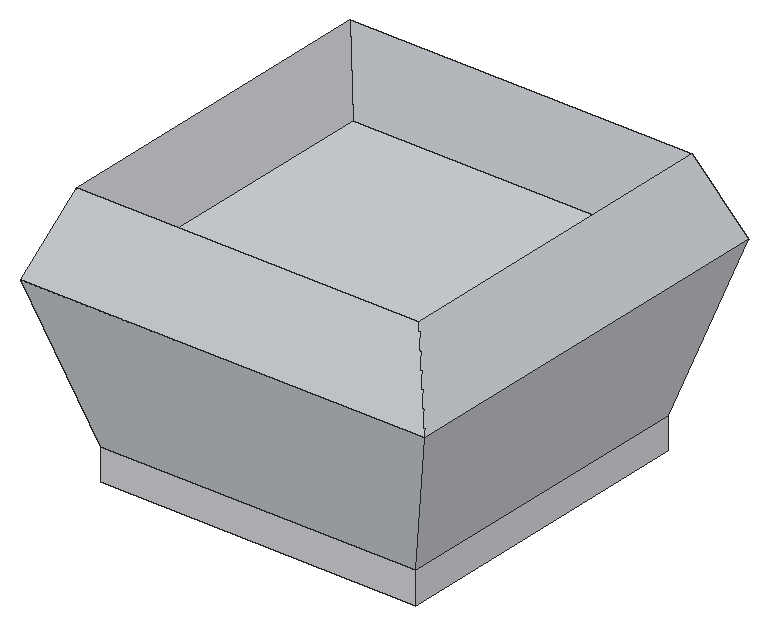
Revit family "15.Вытяжной крышный вентилятор KW", category Оборудование, Revit 2016
Family settings
  Тип детали = Нормальный
  Размер круглого соединителя = Использовать диаметр
  На основе рабочей плоскости = Нет
  Всегда вертикально = Да
  При загрузке вырезать с полостями = Нет
  Общий = Нет
  Точка расчета площади = Нет
Parameters (values of type "30/22-2E")
  отступ = А * 0.1  # 30 mm
  Ширина = А  # 300 mm
  Частотный преобразователь [instance] = no
  Частота вращения n, об/мин = "2770"
  Тип, марка, обозначение = "KW 30/22-2E"
  Теплопроизводительность, кВт = ""
  Сила тока J, А = "0.71"
  Регулятор расхода [instance] = no
  Раздел = "ОВ"
  Примечание = ""
  Позиция = ""
  Напряжение U,В = "1-220"
  Наименование и тех.хар-ка = "Вытяжной крышный вентилятор"  # constant formula
  Мощность, кВт = 0.17 W
  Материал = Сталь серая
  Масса единицы = "6.4 кг"
  Б1 = Б * 0.7  # 176.4 mm
  Код, оборудования = ""
  Ключевая пометка = "Вентиляция"
  Задание электрикам [instance] = no
  Задание автоматчикам [instance] = no
  Завод изготовитель = "KORF"  # constant formula
  Единица измерения = "шт."  # constant formula
  Б = 252 mm
  Высота = А  # 300 mm
  А1 = 385 mm
  А = 300 mm
  h = 30 mm
Types (14, lengths in mm): name | отступ | Ширина | Частота вращения n, об/мин | Тип, марка, обозначение | Сила тока J, А | Напряжение U,В | Мощность, кВт | Масса единицы | Б1 | Б | Высота | А1 | А | h
  30/22-2E | 30 | 300 | "2770" | "KW 30/22-2E" | "0.71" | "1-220" | 0.17 W | "6.4 кг" | 176.4 | 252 | 300 | 385 | 300 | 30
  40/31-4D | 40 | 400 | "1360" | "KW 40/31-4D" | "0.39/0.68" | "3-380/3-220" | 0.18 W | "15 кг" | 245 | 350 | 400 | 580 | 400 | 40
  40/32-4D | 40 | 400 | "1390" | "KW 40/32-4D" | "0.35/0.6" | "3-380/3-220" | 0.14 W | "17.4 кг" | 245 | 350 | 400 | 580 | 400 | 40
  56/35-4E | 56 | 560 | "1360" | "KW 56/35-4E" | "1.45" | "1-220" | 0.31 W | "29.6 кг" | 297.5 | 425 | 560 | 780 | 560 | 40
  56/35-4D | 56 | 560 | "1330" | "KW 56/35-4D" | "0.5/0.86" | "3-380/3-220" | 0.27 W | "30.4 кг" | 297.5 | 425 | 560 | 780 | 560 | 40
  56/40-4E | 56 | 560 | "1340" | "KW 56/40-4E" | "2.5" | "1-220" | 0.54 W | "29.8 кг" | 297.5 | 425 | 560 | 780 | 560 | 40
  56/40-4D | 56 | 560 | "1350" | "KW 56/40-4D" | "1.1/1.9" | "3-380/3-220" | 0.54 W | "30.8 кг" | 297.5 | 425 | 560 | 780 | 560 | 40
  63/45-4E | 63 | 630 | "1230" | "KW 63/45-4E" | "4.1" | "1-220" | 0.9 W | "40.5 кг" | 318.5 | 455 | 630 | 870 | 630 | 40
  63/45-4D | 63 | 630 | "1220" | "KW 63/45-4D" | "1.45/2.51" | "3-380/3-220" | 0.74 W | "40 кг" | 318.5 | 455 | 630 | 870 | 630 | 40
  63/50-4D | 63 | 630 | "1340" | "KW 63/50-4D" | "3/5.2" | "3-380/3-220" | 1.6 W | "48.4 кг" | 318.5 | 455 | 630 | 870 | 630 | 40
  63/50-6D | 63 | 630 | "850" | "KW 63/50-6D" | "1.45/2.51" | "3-380/3-220" | 0.65 W | "40.7 кг" | 318.5 | 455 | 630 | 870 | 630 | 40
  90/56-4D | 90 | 900 | "1370" | "KW 90/56-4D" | "3.8/6.58" | "3-380/3-220" | 2.2 W | "77 кг" | 441 | 630 | 900 | 1250 | 900 | 40
  90/56-6D | 90 | 900 | "830" | "KW 90/56-6D" | "1.55/2.68" | "3-380/3-220" | 0.78 W | "70 кг" | 441 | 630 | 900 | 1250 | 900 | 40
  90/63-6D | 90 | 900 | "870" | "KW 90/63-6D" | "2.73/4.73" | "3-380/3-220" | 1.37 W | "78 кг" | 441 | 630 | 900 | 1250 | 900 | 40
Reference planes
  plane 1 "По центру (Вперед/Назад)": y = 0
  plane 2: z = 0
  plane 3 "По центру (Влево/Вправо)": x = 0
  plane 4: x = -150
  plane 5: x = 150
  plane 6: y = -150
  plane 7: y = 150
  plane 8: x = -192.5
  plane 9: x = 192.5
  plane 10: y = -192.5
  plane 11: y = 192.5
  plane 12: z = 176.4
  plane 13: z = 30
  plane 14: z = 252
  plane 15: y = 162.5
  plane 16: y = -162.5
  plane 17: x = 162.5
  plane 18: x = -162.5
Forms (mm)
  Extrusion 1, void, not visible
    sketch origin (-345, -245, 50) x (0, -1, 0) y (0, 0, -1)
      loop
        line (-477.965, -475) -> (-477.965, -450) -> (-528.913, -450) -> (-528.913, -475) -> (-477.965, -475)
    from -47.452 to 12
  Blend 2, solid, detail levels fine
    base sketch origin (0, -252.32, 0) x (1, 0, 0) y (0, 1, 0)
      loop
        line (-150, 402.32) -> (-150, 102.32) -> (150, 102.32) -> (150, 402.32) -> (-150, 402.32)
    top sketch origin (0, -252.32, 0) x (1, 0, 0) y (0, 1, 0)
      loop
        line (-192.5, 444.82) -> (-192.5, 59.82) -> (192.5, 59.82) -> (192.5, 444.82) -> (-192.5, 444.82)
    from 30 to 176.4
  Extrusion 3, solid, detail levels fine
    sketch origin (0, 0, 0) x (1, 0, 0) y (0, 1, 0)
      loop
        line (-150, 150) -> (-150, -150) -> (150, -150) -> (150, 150) -> (-150, 150)
    from 0 to 30
  Blend 4, solid, detail levels fine
    base sketch origin (0, 0, 0) x (1, 0, 0) y (0, 1, 0)
      loop
        line (-192.5, 192.5) -> (-192.5, -192.5) -> (192.5, -192.5) -> (192.5, 192.5) -> (-192.5, 192.5)
    top sketch origin (0, 0, 0) x (1, 0, 0) y (0, 1, 0)
      loop
        line (-162.5, 162.5) -> (-162.5, -162.5) -> (162.5, -162.5) -> (162.5, 162.5) -> (-162.5, 162.5)
    from 176.4 to 252
  Blend 5, void
    base sketch origin (0, 0, 0) x (1, 0, 0) y (0, 1, 0)
      loop
        line (-162.5, 162.5) -> (-162.5, -162.5) -> (162.5, -162.5) -> (162.5, 162.5) -> (-162.5, 162.5)
    top sketch origin (0, 0, 0) x (1, 0, 0) y (0, 1, 0)
      loop
        line (-150, 150) -> (-150, -150) -> (150, -150) -> (150, 150) -> (-150, 150)
    from 252 to 176.4
Cuts and joins
  Blend 5 cuts Blend 4
Lines and regions (mm)
  model lines, detail levels coarse
    curve 1: line (-192.5, 192.5, 0) -> (192.5, 192.5, 0)
    curve 2: line (-192.5, -192.5, 0) -> (-192.5, 192.5, 0)
    curve 3: line (192.5, -192.5, 0) -> (-192.5, -192.5, 0)
    curve 4: line (192.5, 192.5, 0) -> (192.5, -192.5, 0)
    curve 5: circle (0, 0, 0) r 130 normal (0, 0, 1)
    curve 6: line (0, 130, 0) -> (-112.583, -65, 0)
    curve 7: line (0, 130, 0) -> (112.583, -65, 0)
    curve 8: line (-112.583, -65, 0) -> (112.583, -65, 0)
  model lines, not visible, detail levels coarse
    curve 9: circle (0, 0, 0) r 130 normal (0, 0, 1)
    curve 10: line (0, 130, 0) -> (-112.583, -65, 0)
    curve 11: line (0, 130, 0) -> (112.583, -65, 0)
    curve 12: line (-112.583, -65, 0) -> (112.583, -65, 0)
  model lines, detail levels medium
    curve 13: line (0, 192.5, 252) -> (0, -192.5, 252)
    curve 14: line (0, 192.5, 0) -> (0, 192.5, 252)
    curve 15: line (0, -192.5, 0) -> (0, 192.5, 0)
    curve 16: line (0, -192.5, 252) -> (0, -192.5, 0)
    curve 17: circle (0, 0, 127.899) r 100 normal (1, 0, 0)
    curve 18: line (0, 0, 227.899) -> (0, 82.904, 71.98)
    curve 19: line (0, 82.904, 71.98) -> (0, -82.904, 71.98)
    curve 20: line (0, -82.904, 71.98) -> (0, 0, 227.899)
  model lines, not visible, detail levels medium
    curve 21: circle (0, 0, 127.899) r 100 normal (1, 0, 0)
    curve 22: line (0, 0, 227.899) -> (0, 82.904, 71.98)
    curve 23: line (0, 82.904, 71.98) -> (0, -82.904, 71.98)
    curve 24: line (0, -82.904, 71.98) -> (0, 0, 227.899)
Dimensions and locks
  equal spacing: plane 7, plane 1 "По центру (Вперед/Назад)", plane 6
  "А": plane 7 to plane 6
  equal spacing: plane 4, plane 3 "По центру (Влево/Вправо)", plane 5
  "А": plane 4 to plane 5
  equal spacing: plane 10, plane 1 "По центру (Вперед/Назад)", plane 11
  "А1": plane 10 to plane 11
  equal spacing: plane 8, plane 3 "По центру (Влево/Вправо)", plane 9
  "А1": plane 8 to plane 9
  "Б": plane 14 to level
  "h": plane 13 to level
  "Б1": plane 12 to level
  "отступ": plane 8 to plane 18
  "отступ": plane 11 to plane 15
  "отступ": plane 17 to plane 9
  "отступ": plane 10 to plane 16
  aligned and locked: level to plane 2
  aligned and locked: Blend 2 to plane 7
  aligned and locked: Blend 2 sketch curve to plane 7
  aligned and locked: plane 4 to Blend 2 sketch curve
  aligned and locked: Blend 2 sketch curve to plane 6
  aligned and locked: Blend 2 sketch curve to plane 5
  aligned and locked: Blend 2 sketch curve to plane 9
  aligned and locked: Blend 2 sketch curve to plane 10
  aligned and locked: plane 8 to Blend 2 sketch curve
  aligned and locked: plane 11 to Blend 2 sketch curve
  aligned and locked: plane 12 to Blend 2
  aligned and locked: Blend 2 to plane 13
  aligned and locked: plane 7 to Extrusion 3
  aligned and locked: plane 6 to Extrusion 3
  aligned and locked: plane 5 to Extrusion 3
  aligned and locked: Extrusion 3 to plane 4
  aligned and locked: Extrusion 3 to Blend 2
  aligned and locked: Extrusion 3 to level
  aligned and locked: plane 11 to Blend 4 sketch curve
  aligned and locked: Blend 4 sketch curve to plane 9
  aligned and locked: Blend 4 sketch curve to plane 10
  aligned and locked: plane 8 to Blend 4 sketch curve
  aligned and locked: plane 14 to Blend 4
  aligned and locked: Blend 4 to Blend 2
  aligned and locked: plane 17 to Blend 4 sketch curve
  aligned and locked: Blend 4 sketch curve to plane 15
  aligned and locked: plane 18 to Blend 4 sketch curve
  aligned and locked: plane 16 to Blend 4 sketch curve
  aligned and locked: Blend 5 sketch curve to plane 15
  aligned and locked: plane 17 to Blend 5 sketch curve
  aligned and locked: plane 16 to Blend 5 sketch curve
  aligned and locked: plane 18 to Blend 5 sketch curve
  aligned and locked: Blend 5 sketch curve to plane 7
  aligned and locked: Blend 5 sketch curve to plane 5
  aligned and locked: Blend 5 sketch curve to plane 6
  aligned and locked: plane 4 to Blend 5 sketch curve
  aligned and locked: plane 14 to Blend 5
  aligned and locked: Blend 5 to Blend 2
  aligned and locked: curve 1 to Blend 2
  aligned and locked: curve 2 to Blend 2
  aligned and locked: curve 3 to Blend 2
  aligned and locked: curve 4 to Blend 2
  aligned and locked: plane 14 to curve 13
  aligned and locked: curve 14 to plane 11
  aligned and locked: curve 15 to curve 2
  aligned and locked: plane 10 to curve 16
Automatic sketch dimensions
  Extrusion 3 sketch curve to plane 4 = 0 mm
  Extrusion 3 sketch curve to plane 5 = 0 mm
  plane 6 to Extrusion 3 sketch curve = 0 mm
  Extrusion 3 sketch curve to plane 7 = 0 mm
Nested families
  nested 1: "крепление 15мм" at (-330, 229.965, 495), type "крепление 15мм", not visible
Connectors
  hvac at (0, 0, 0), driven by "Ширина", driven by "Высота"
    settings: on Extrusion 3, index 1, duct flow 0.0 L/s, flow factor 0, pres drop 0.0 Pa, loss coef 0, conn angle 0.00°, conn width 300 mm, conn height 300 mm, conn diameter 609.6 mm, duct sys type 28, conn prof type 1, flow config 0, flow direction 0, loss method 0, conn ref index -1, conn util no, is conn primary yes, conn desc ""
Definition of nested family "крепление 15мм"
  Parameters (values of type "крепление 15мм")
    Материал крепления = none
  Reference planes
    plane 1 "По центру (Вперед/Назад)": y = 0
    plane 2: z = 0
    plane 3 "По центру (Влево/Вправо)": x = 0
  Forms (mm)
    Extrusion 1, solid, material <- "Материал крепления"
      sketch origin (0, 0, 0) x (1, 0, 0) y (0, 1, 0)
        loop
          line (-25, 0) -> (0, 0) -> (0, 18.31) -> (0, 25) -> (-3, 25) -> (-3, 3) -> (-25, 3) -> (-25, 0)
      from 0 to 30
    Extrusion 2, void
      sketch origin (0, 0, 0) x (1, 0, 0) y (0, 1, 0)
        loop
          line (-3, 3) -> (-3, 54.96) -> (-58, 54.96) -> (-58, 3) -> (-3, 3)
      from 0 to 15
  Cuts and joins
    Extrusion 2 cuts Extrusion 1
  Dimensions and locks
    Extrusion 1 sketch curve to Extrusion 1 sketch curve = 3 mm  (x2)
    Extrusion 1 sketch curve to Extrusion 1 sketch curve to plane 3 "По центру (Влево/Вправо)" = 25 mm, 0 mm
    Extrusion 1 sketch curve to Extrusion 1 sketch curve = 25 mm
    aligned and locked: level to plane 2
